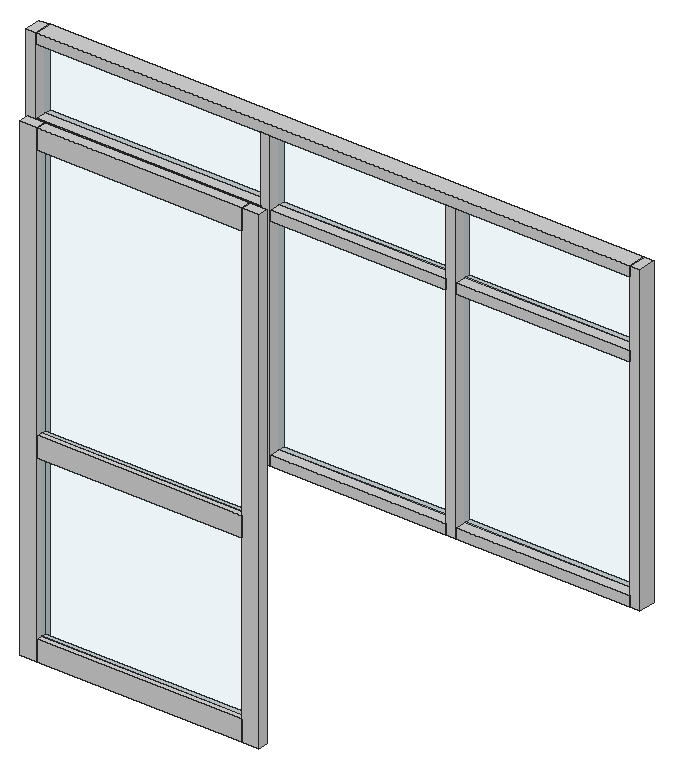
Revit family "DAL_A3-Small-sliding-door", category Doors, host Wall, Revit 2016
Family settings
  Host = Wall
  Always vertical = Yes
  Cut with Voids When Loaded = No
  Shared = No
  Room Calculation Point = No
Parameters (values of type "Sliding door")
  Shop Depth = 170.5 mm
  Other = ""
  Notes = ""
  Height = 2465 mm
  Wall Closure = By host
  Width = 2730 mm
  Hand [instance] = ""
  Function = Interior
  Door Opening = 1000 mm
  Door Height = 2125 mm
  Construction Type = "TA01"
  Assembly Code = ""
Reference planes
  plane 1: y = 0
  plane 2 "Center (Left/Right)": x = 4.586
  plane 3 "Left": x = -1360.414
  plane 4 "Right": x = 1369.586
  plane 5: z = 2465
  plane 6 "Exterior": y = 172.5
  plane 7 "Interior": y = -172.5
  plane 8 "Shop Cline": y = 2
  plane 9 "Horizontal 01": z = 1490
  plane 10 "Bumper Rail": z = 855
  plane 11 "Opening Right": x = -315.414
  plane 12 "Opening Left": x = -1315.414
  plane 13: z = 2125
  plane 14 "Door Panel": y = -73
  plane 15: x = 527.712
  plane 16: z = 1105
Forms (mm)
  Sweep 1, solid, material "Shopfront Frame"
    path origin (0, 2, 0) x (1, 0, 0) y (0, 0, 1)
      loop
        line (1369.586, 1105) -> (1369.586, 2465)
    profile origin (1369.586, 2, 1785) x (-1, 0, 0) y (0, -1, 0)
      loop
        line (0, -28.01) -> (45, -28.01) -> (45, 46.99) -> (0, 46.99) -> (0, -28.01)
  Sweep 2, solid, material "Shopfront Frame"
    path origin (0, 2, 0) x (1, 0, 0) y (0, 0, 1)
      loop
        line (-1360.414, 2465) -> (-1360.414, 0)
    profile origin (-1360.414, 2, 1232.5) x (0, -1, 0) y (1, 0, 0)
      loop
        line (-28.01, 0) -> (46.99, 0) -> (46.99, 45) -> (-28.01, 45) -> (-28.01, 0)
  Sweep 3, solid, material "Shopfront Frame"
    path origin (0, 2, 0) x (1, 0, 0) y (0, 0, 1)
      loop
        line (1324.586, 2465) -> (-1315.414, 2465)
    profile origin (4.586, 2, 2465) x (0, 0, -1) y (0, -1, 0)
      loop
        line (0, -28.01) -> (45, -28.01) -> (45, 46.99) -> (0, 46.99) -> (0, -28.01)
  Sweep 4, solid, material "Shopfront Frame"
    path origin (0, 2, 0) x (1, 0, 0) y (0, 0, 1)
      loop
        line (-315.414, 2420) -> (-315.414, 1105)
    profile origin (-315.414, 2, 1762.5) x (0, -1, 0) y (1, 0, 0)
      loop
        line (-28.01, 0) -> (46.99, 0) -> (46.99, 40.414) -> (-28.01, 40.414) -> (-28.01, 0)
  Sweep 5, solid, material "Shopfront Frame"
    path origin (0, 2, 0) x (1, 0, 0) y (0, 0, 1)
      loop
        line (-315.414, 2125) -> (-1315.414, 2125)
    profile origin (-815.414, 2, 2125) x (0, 0, -1) y (0, -1, 0)
      loop
        line (0, -28.01) -> (45, -28.01) -> (45, 46.99) -> (0, 46.99) -> (0, -28.01)
  Sweep 6, solid, material "Shopfront Frame"
    path origin (0, 2, 0) x (1, 0, 0) y (0, 0, 1)
      loop
        line (505.212, 2125) -> (-275, 2125)
    profile origin (115.106, 2, 2125) x (0, 0, -1) y (0, -1, 0)
      loop
        line (0, -28.01) -> (45, -28.01) -> (45, 46.99) -> (0, 46.99) -> (0, -28.01)
  Extrusion 7, solid, material "Glass"
    sketch origin (890, 2, 605.963) x (1, 0, 0) y (0, 0, 1)
      loop
        line (434.586, 544.037) -> (434.586, 1474.037) -> (-339.788, 1474.037) -> (-339.788, 544.037) -> (434.586, 544.037)
    from -2 to 2
  Extrusion 8, solid, material "Glass"
    sketch origin (890, 2, 1571.102) x (1, 0, 0) y (0, 0, 1)
      loop
        line (434.586, 553.898) -> (434.586, 848.898) -> (-339.788, 848.898) -> (-339.788, 553.898) -> (434.586, 553.898)
    from -2 to 2
  Extrusion 9, solid, material "Glass"
    sketch origin (-530, 2, 1571.102) x (1, 0, 0) y (0, 0, 1)
      loop
        line (214.586, 553.898) -> (214.586, 848.898) -> (-785.414, 848.898) -> (-785.414, 553.898) -> (214.586, 553.898)
    from -2 to 2
  Sweep 10, solid, material "Shopfront Frame", detail levels medium+fine
    path origin (0, -73, 0) x (-1, 0, 0) y (0, 0, 1)
      loop
        line (1315.414, 0) -> (1315.414, 2125)
    profile origin (-1315.414, -73, 1062.5) x (1, 0, 0) y (0, 1, 0)
      loop
        line (-30, 22.5) -> (-30, -22.5) -> (45, -22.5) -> (45, 22.5) -> (-30, 22.5)
  Sweep 11, solid, material "Shopfront Frame", detail levels medium+fine
    path origin (0, -73, 0) x (-1, 0, 0) y (0, 0, 1)
      loop
        line (315.414, 0) -> (315.414, 2125)
    profile origin (-315.414, -73, 1062.5) x (1, 0, 0) y (0, 1, 0)
      loop
        line (-45, 22.5) -> (-45, -22.5) -> (30, -22.5) -> (30, 22.5) -> (-45, 22.5)
  Sweep 12, solid, material "Shopfront Frame", detail levels medium+fine
    path origin (0, -73, 0) x (-1, 0, 0) y (0, 0, 1)
      loop
        line (360.414, 2125) -> (1270.414, 2125)
    profile origin (-815.414, -73, 2125) x (0, 0, 1) y (0, 1, 0)
      loop
        line (0, 22.5) -> (-90, 22.5) -> (-90, -22.5) -> (0, -22.5) -> (0, 22.5)
  Sweep 13, solid, material "Shopfront Frame", detail levels medium+fine
    path origin (0, -73, 0) x (-1, 0, 0) y (0, 0, 1)
      loop
        line (360.414, 855) -> (1270.414, 855)
    profile origin (-815.414, -73, 855) x (0, 0, 1) y (0, 1, 0)
      loop
        line (45, 22.5) -> (-45, 22.5) -> (-45, -22.5) -> (45, -22.5) -> (45, 22.5)
  Sweep 14, solid, material "Shopfront Frame", detail levels medium+fine
    path origin (0, -73, 0) x (-1, 0, 0) y (0, 0, 1)
      loop
        line (360.414, 0) -> (1270.414, 0)
    profile origin (-815.414, -73, 0) x (0, 0, 1) y (0, 1, 0)
      loop
        line (90, 22.5) -> (0, 22.5) -> (0, -22.5) -> (90, -22.5) -> (90, 22.5)
  Extrusion 15, solid, material "Glass", detail levels medium+fine
    sketch origin (0, -73, 0) x (-1, 0, 0) y (0, 0, 1)
      loop
        line (360.414, 810) -> (360.414, 90) -> (1270.414, 90) -> (1270.414, 810) -> (360.414, 810)
    from -2 to 2
  Extrusion 16, solid, material "Glass", detail levels medium+fine
    sketch origin (0, -73, 0) x (-1, 0, 0) y (0, 0, 1)
      loop
        line (360.414, 2035) -> (360.414, 900) -> (1270.414, 900) -> (1270.414, 2035) -> (360.414, 2035)
    from -2 to 2
  Sweep 17, solid, material "Shopfront Frame"
    path origin (0, 2, 0) x (1, 0, 0) y (0, 0, 1)
      loop
        line (527.712, 2420) -> (527.712, 1105)
    profile origin (527.712, 2, 1762.5) x (0, -1, 0) y (1, 0, 0)
      loop
        line (-28.01, -22.5) -> (46.99, -22.5) -> (46.99, 22.5) -> (-28.01, 22.5) -> (-28.01, -22.5)
  Sweep 18, solid, material "Shopfront Frame"
    path origin (0, 2, 0) x (1, 0, 0) y (0, 0, 1)
      loop
        line (1324.586, 2125) -> (550.212, 2125)
    profile origin (937.399, 2, 2125) x (0, 0, -1) y (0, -1, 0)
      loop
        line (45, -28.01) -> (45, 46.99) -> (0, 46.99) -> (0, -28.01) -> (45, -28.01)
  Extrusion 19, solid, material "Glass"
    sketch origin (-350, 2, 605.963) x (1, 0, 0) y (0, 0, 1)
      loop
        line (855.212, 544.037) -> (855.212, 1474.037) -> (75, 1474.037) -> (75, 544.037) -> (855.212, 544.037)
    from -2 to 2
  Extrusion 20, solid, material "Glass"
    sketch origin (-330, 2, 1571.102) x (1, 0, 0) y (0, 0, 1)
      loop
        line (835.212, 553.898) -> (835.212, 848.898) -> (55, 848.898) -> (55, 553.898) -> (835.212, 553.898)
    from -2 to 2
  Sweep 21, solid, material "Shopfront Frame"
    path origin (0, 2, -975) x (1, 0, 0) y (0, 0, 1)
      loop
        line (505.212, 2125) -> (-275, 2125)
    profile origin (115.106, 2, 1150) x (0, 0, -1) y (0, -1, 0)
      loop
        line (0, -28.01) -> (45, -28.01) -> (45, 46.99) -> (0, 46.99) -> (0, -28.01)
  Sweep 22, solid, material "Shopfront Frame"
    path origin (0, 2, -975) x (1, 0, 0) y (0, 0, 1)
      loop
        line (1324.586, 2125) -> (550.212, 2125)
    profile origin (937.399, 2, 1150) x (0, 0, -1) y (0, -1, 0)
      loop
        line (45, -28.01) -> (45, 46.99) -> (0, 46.99) -> (0, -28.01) -> (45, -28.01)
Lines and regions (mm)
  Opening 1
    outline origin (-3050, -172.5, 0) x (1, 0, 0) y (0, 0, 1)
      loop
        line (1689.586, 0) -> (4419.586, 0) -> (4419.586, 2465) -> (1689.586, 2465) -> (1689.586, 0)
  symbolic lines, style "Overhead"
    curve 1: line (-1360.414, 172.5, 0) -> (1369.586, 172.5, 0)
    curve 2: line (-1360.414, -172.5, 0) -> (1369.586, -172.5, 0)
    curve 17: line (-315.414, 25.01, 0) -> (-1315.414, 25.01, 0)
    curve 18: line (-315.414, -19.99, 0) -> (-1315.414, -19.99, 0)
  symbolic lines, style "Elevation Swing"
    curve 3: line (-315.414, 0, 2080) -> (-1315.414, 0, 0)
    curve 4: line (-1315.414, 0, 2080) -> (-315.414, 0, 0)
  symbolic lines, style "Doors"
    curve 5: line (-685.414, -50.5, 0) -> (-610.414, -50.5, 0)
    curve 6: line (-685.414, -95.5, 0) -> (-685.414, -50.5, 0)
    curve 7: line (-610.414, -95.5, 0) -> (-685.414, -95.5, 0)
    curve 8: line (-610.414, -50.5, 0) -> (-610.414, -95.5, 0)
    curve 9: line (299.586, -50.5, 0) -> (374.586, -50.5, 0)
    curve 10: line (299.586, -95.5, 0) -> (299.586, -50.5, 0)
    curve 11: line (374.586, -95.5, 0) -> (299.586, -95.5, 0)
    curve 12: line (374.586, -50.5, 0) -> (374.586, -95.5, 0)
    curve 13: line (-610.414, -50.5, 0) -> (299.586, -50.5, 0)
    curve 14: line (299.586, -95.5, 0) -> (-610.414, -95.5, 0)
    curve 15: line (-610.414, -71, 0) -> (299.586, -71, 0)
    curve 16: line (-610.414, -75, 0) -> (299.586, -75, 0)
  symbolic lines, style "Doors", not visible
    curve 19: line (-662.914, 5, 0) -> (-587.914, 5, 0)
    curve 20: line (-662.914, -40, 0) -> (-662.914, 5, 0)
    curve 21: line (-587.914, -40, 0) -> (-662.914, -40, 0)
    curve 22: line (-587.914, 5, 0) -> (-587.914, -40, 0)
    curve 23: line (322.086, 5, 0) -> (397.086, 5, 0)
    curve 24: line (322.086, -40, 0) -> (322.086, 5, 0)
    curve 25: line (397.086, -40, 0) -> (322.086, -40, 0)
    curve 26: line (397.086, 5, 0) -> (397.086, -40, 0)
    curve 27: line (-587.914, 5, 0) -> (322.086, 5, 0)
    curve 28: line (322.086, -40, 0) -> (-587.914, -40, 0)
    curve 29: line (-587.914, -15.5, 0) -> (322.086, -15.5, 0)
    curve 30: line (-587.914, -19.5, 0) -> (322.086, -19.5, 0)
Text (mm)
  text "Exterior" at (-2295.016, 1099.543, 0), in view "Ref. Level"
  text "Exterior" at (0, 1615.38, 3698.081), in view "Left"
  text "Exterior" at (0, 1036.032, 3874.932), in view "Right"
Dimensions and locks
  equal spacing: plane 3 "Left", plane 2 "Center (Left/Right)", plane 4 "Right"
  "Width": plane 3 "Left" to plane 4 "Right"
  "Height": plane 5 to host wall
  host wall to host wall = 2707.935 mm  (x2)
  plane 6 "Exterior" to host wall = 0 mm
  plane 7 "Interior" to host wall = 0 mm
  "Shop Depth": plane 8 "Shop Cline" to plane 6 "Exterior"
  "Door Opening": plane 12 "Opening Left" to plane 11 "Opening Right"
  locked: plane 3 "Left" to plane 12 "Opening Left" at 45
  Sweep 6 to Sweep 6 to Sweep 3 to Sweep 3 = 45 mm, 295 mm, 45 mm
  "Door Height": level to plane 13
  locked: plane 8 "Shop Cline" to plane 14 "Door Panel" at 75
  locked: curve 13 to plane 8 "Shop Cline" at 52.5
  locked: curve 6 to plane 11 "Opening Right" at 370
  plane 11 "Opening Right" to plane 15 = 843.126 mm
  plane 3 "Left" to Sweep 4 = 1085.414 mm
  level to plane 16 = 1105 mm
  aligned and locked: plane 3 "Left" to Opening 1 sketch curve
  aligned and locked: plane 5 to Opening 1 sketch curve  (x2)
  aligned and locked: Opening 1 sketch curve to plane 4 "Right"
  aligned and locked: Opening 1 sketch curve to level
  aligned and locked: plane 1 to host wall
  aligned and locked: Sweep 1 sketch curve to host wall  (x2)
  aligned and locked: host wall to Sweep 2 sketch curve
  aligned and locked: Sweep 2 sketch curve to host wall
  aligned and locked: host wall to curve 1
  aligned and locked: curve 1 to host wall
  aligned and locked: curve 2 to host wall
  aligned and locked: host wall to curve 2
  aligned and locked: Sweep 3 sketch curve to Sweep 2
  aligned and locked: Sweep 3 to Sweep 4 sketch curve
  aligned and locked: Sweep 4 sketch curve to plane 11 "Opening Right"
  aligned and locked: Sweep 2 to curve 3
  aligned and locked: curve 4 to Sweep 4
  aligned and locked: plane 11 "Opening Right" to Sweep 5 sketch curve
  aligned and locked: Sweep 5 sketch curve to plane 13
  aligned and locked: Sweep 5 to curve 3
  aligned and locked: curve 4 to Sweep 5
  aligned and locked: Extrusion 7 to Sweep 1
  aligned and locked: Extrusion 8 to Sweep 3
  aligned and locked: plane 13 to Extrusion 8
  aligned and locked: Extrusion 8 to Sweep 1
  aligned and locked: plane 11 "Opening Right" to Extrusion 9
  aligned and locked: Extrusion 9 to Sweep 2
  aligned and locked: plane 13 to Extrusion 9
  aligned and locked: Extrusion 9 to Sweep 3
  aligned and locked: curve 3 to Sweep 10 sketch curve
  aligned and locked: Sweep 10 sketch curve to Sweep 2
  aligned and locked: curve 4 to Sweep 11 sketch curve
  aligned and locked: Sweep 11 sketch curve to Sweep 4
  aligned and locked: Sweep 12 sketch curve to Sweep 11
  aligned and locked: Sweep 11 to Sweep 12 sketch curve
  aligned and locked: Sweep 13 sketch curve to Sweep 11
  aligned and locked: plane 10 "Bumper Rail" to Sweep 13 sketch curve
  aligned and locked: Sweep 11 to Sweep 14 sketch curve
  aligned and locked: Sweep 14 sketch curve to Sweep 11
  aligned and locked: Extrusion 15 sketch curve to Sweep 13  (x2)
  aligned and locked: Sweep 13 to Extrusion 15 sketch curve
  aligned and locked: Extrusion 15 sketch curve to Sweep 14
  aligned and locked: Sweep 14 to Extrusion 15 sketch curve
  aligned and locked: Extrusion 16 sketch curve to Sweep 13
  aligned and locked: Sweep 13 to Extrusion 16 sketch curve
  aligned and locked: plane 11 "Opening Right" to curve 17
  aligned and locked: Sweep 4 to curve 18
  aligned and locked: Sweep 2 to curve 17
  aligned and locked: Sweep 2 to curve 18
  aligned and locked: Extrusion 8 to Sweep 18 sketch curve
  aligned and locked: Sweep 18 sketch curve to Extrusion 8
  aligned and locked: Sweep 5 to Extrusion 7
  aligned and locked: Sweep 5 to Extrusion 19
  aligned and locked: plane 15 to Sweep 17 sketch curve
  aligned and locked: Extrusion 7 to Sweep 21
  aligned and locked: Extrusion 7 to Extrusion 19
Automatic sketch dimensions
  curve 6 to curve 7 = 75 mm
  curve 7 to curve 11 = 910 mm
  curve 9 to curve 12 = 75 mm
  curve 7 to curve 16 = 20.5 mm
  curve 16 to curve 15 = 4 mm
  curve 15 to curve 9 = 20.5 mm
  curve 20 to curve 21 = 75 mm
  curve 21 to curve 25 = 910 mm
  curve 23 to curve 26 = 75 mm
  curve 21 to curve 30 = 20.5 mm
  curve 30 to curve 29 = 4 mm
  curve 29 to curve 23 = 20.5 mm
  curve 2 to host wall = 0 mm
  curve 1 to host wall = 0 mm
  curve 4 to level = 0 mm
  curve 3 to level = 0 mm
  curve 4 to plane 12 "Opening Left" = 0 mm
  curve 3 to plane 11 "Opening Right" = 0 mm
  Sweep 1 sketch curve to plane 16 = 0 mm
  Sweep 1 sketch curve to profile plane = 0 mm
  Sweep 1 sketch curve to profile plane = 45 mm
  Sweep 1 sketch curve to plane 8 "Shop Cline" = 28.01 mm
  plane 8 "Shop Cline" to Sweep 1 sketch curve = 46.99 mm
  Sweep 2 sketch curve to level = 0 mm
  Sweep 2 sketch curve to profile plane = 0 mm
  Sweep 2 sketch curve to plane 8 "Shop Cline" = 28.01 mm
  plane 8 "Shop Cline" to Sweep 2 sketch curve = 46.99 mm
  Sweep 2 sketch curve to Sweep 2 sketch curve = 45 mm
  Sweep 3 sketch curve to plane 12 "Opening Left" = 0 mm
  plane 4 "Right" to Sweep 3 sketch curve = 45 mm
  Sweep 3 sketch curve to profile plane = 0 mm
  Sweep 3 sketch curve to profile plane = 45 mm
  Sweep 3 sketch curve to plane 8 "Shop Cline" = 28.01 mm
  plane 8 "Shop Cline" to Sweep 3 sketch curve = 46.99 mm
  plane 8 "Shop Cline" to curve 18 = 21.99 mm
  curve 17 to plane 8 "Shop Cline" = 23.01 mm
  Sweep 4 sketch curve to plane 16 = 0 mm
  Sweep 4 sketch curve to profile plane = 0 mm
  Sweep 4 sketch curve to plane 8 "Shop Cline" = 28.01 mm
  plane 8 "Shop Cline" to Sweep 4 sketch curve = 46.99 mm
  Sweep 4 sketch curve to Sweep 4 sketch curve = 40.414 mm
  Sweep 5 sketch curve to plane 12 "Opening Left" = 0 mm
  Sweep 5 sketch curve to profile plane = 0 mm
  Sweep 5 sketch curve to profile plane = 45 mm
  Sweep 5 sketch curve to plane 8 "Shop Cline" = 28.01 mm
  plane 8 "Shop Cline" to Sweep 5 sketch curve = 46.99 mm
  Sweep 6 sketch curve to plane 13 = 0 mm
  plane 11 "Opening Right" to Sweep 6 sketch curve = 40.414 mm
  plane 15 to Sweep 6 sketch curve = 22.5 mm
  Sweep 6 sketch curve to profile plane = 0 mm
  Sweep 6 sketch curve to profile plane = 45 mm
  Sweep 6 sketch curve to plane 8 "Shop Cline" = 28.01 mm
  plane 8 "Shop Cline" to Sweep 6 sketch curve = 46.99 mm
  Extrusion 7 sketch curve to plane 15 = 22.5 mm
  plane 4 "Right" to Extrusion 7 sketch curve = 45 mm
  plane 16 to Extrusion 7 sketch curve = 45 mm
  plane 13 to Extrusion 7 sketch curve = 45 mm
  Extrusion 8 sketch curve to plane 13 = 0 mm
  Extrusion 8 sketch curve to plane 15 = 22.5 mm
  plane 4 "Right" to Extrusion 8 sketch curve = 45 mm
  plane 5 to Extrusion 8 sketch curve = 45 mm
  Extrusion 9 sketch curve to plane 12 "Opening Left" = 0 mm
  Extrusion 9 sketch curve to plane 11 "Opening Right" = 0 mm
  Extrusion 9 sketch curve to plane 13 = 0 mm
  plane 5 to Extrusion 9 sketch curve = 45 mm
  Sweep 10 sketch curve to plane 13 = 0 mm
  profile plane to Sweep 10 sketch curve = 30 mm
  Sweep 10 sketch curve to plane 14 "Door Panel" = 22.5 mm
  Sweep 10 sketch curve to profile plane = 45 mm
  plane 14 "Door Panel" to Sweep 10 sketch curve = 22.5 mm
  Sweep 11 sketch curve to plane 13 = 0 mm
  Sweep 11 sketch curve to plane 14 "Door Panel" = 22.5 mm
  profile plane to Sweep 11 sketch curve = 45 mm
  Sweep 11 sketch curve to profile plane = 30 mm
  plane 14 "Door Panel" to Sweep 11 sketch curve = 22.5 mm
  Sweep 12 sketch curve to plane 12 "Opening Left" = 45 mm
  Sweep 12 sketch curve to profile plane = 0 mm
  Sweep 12 sketch curve to plane 14 "Door Panel" = 22.5 mm
  profile plane to Sweep 12 sketch curve = 90 mm
  plane 14 "Door Panel" to Sweep 12 sketch curve = 22.5 mm
  Sweep 13 sketch curve to plane 12 "Opening Left" = 45 mm
  plane 14 "Door Panel" to Sweep 13 sketch curve = 22.5 mm
  profile plane to Sweep 13 sketch curve = 45 mm
  Sweep 13 sketch curve to profile plane = 45 mm
  Sweep 13 sketch curve to plane 14 "Door Panel" = 22.5 mm
  Sweep 14 sketch curve to plane 12 "Opening Left" = 45 mm
  Sweep 14 sketch curve to profile plane = 0 mm
  plane 14 "Door Panel" to Sweep 14 sketch curve = 22.5 mm
  Sweep 14 sketch curve to Sweep 14 sketch curve = 90 mm
  Sweep 14 sketch curve to plane 14 "Door Panel" = 22.5 mm
  Extrusion 16 sketch curve to plane 12 "Opening Left" = 45 mm
  plane 13 to Extrusion 16 sketch curve = 90 mm
  Sweep 17 sketch curve to plane 16 = 0 mm
  plane 5 to Sweep 17 sketch curve = 45 mm
  Sweep 17 sketch curve to plane 8 "Shop Cline" = 28.01 mm
  profile plane to Sweep 17 sketch curve = 22.5 mm
  plane 8 "Shop Cline" to Sweep 17 sketch curve = 46.99 mm
  Sweep 17 sketch curve to profile plane = 22.5 mm
  Sweep 18 sketch curve to plane 15 = 22.5 mm
  Sweep 18 sketch curve to profile plane = 0 mm
  Sweep 18 sketch curve to profile plane = 45 mm
  Sweep 18 sketch curve to plane 8 "Shop Cline" = 28.01 mm
  plane 8 "Shop Cline" to Sweep 18 sketch curve = 46.99 mm
  plane 11 "Opening Right" to Extrusion 19 sketch curve = 40.414 mm
  plane 15 to Extrusion 19 sketch curve = 22.5 mm
  plane 16 to Extrusion 19 sketch curve = 45 mm
  plane 13 to Extrusion 19 sketch curve = 45 mm
  Extrusion 20 sketch curve to plane 13 = 0 mm
  plane 11 "Opening Right" to Extrusion 20 sketch curve = 40.414 mm
  plane 15 to Extrusion 20 sketch curve = 22.5 mm
  plane 5 to Extrusion 20 sketch curve = 45 mm
  plane 11 "Opening Right" to Sweep 21 sketch curve = 40.414 mm
  plane 15 to Sweep 21 sketch curve = 22.5 mm
  plane 16 to Sweep 21 sketch curve = 45 mm
  Sweep 21 sketch curve to profile plane = 0 mm
  Sweep 21 sketch curve to profile plane = 45 mm
  Sweep 21 sketch curve to plane 8 "Shop Cline" = 28.01 mm
  plane 8 "Shop Cline" to Sweep 21 sketch curve = 46.99 mm
  Sweep 22 sketch curve to plane 15 = 22.5 mm
  plane 4 "Right" to Sweep 22 sketch curve = 45 mm
  plane 16 to Sweep 22 sketch curve = 45 mm
  Sweep 22 sketch curve to profile plane = 0 mm
  Sweep 22 sketch curve to profile plane = 45 mm
  Sweep 22 sketch curve to plane 8 "Shop Cline" = 28.01 mm
  plane 8 "Shop Cline" to Sweep 22 sketch curve = 46.99 mm
